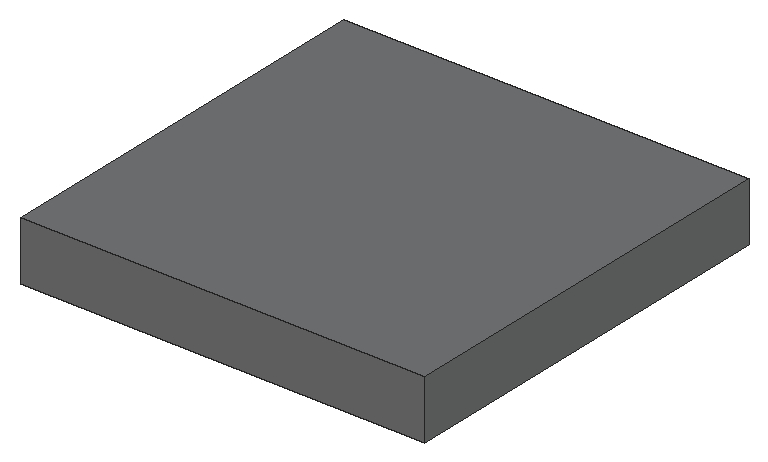
Revit family "Gira_536727", category Electrical Fixtures, host Face, Revit 2017
Family settings
  Host = Face
  Maintain Annotation Orientation = No
  Round Connector Dimension = Use Diameter
  Part Type = Normal
  Cut with Voids When Loaded = No
  Shared = No
  Room Calculation Point = No
Parameters (values of type "S3000 blind timer + timer BT System 55 p.white m")
  With LED indication = "No"
  URL = "http://katalog.gira.de/en/datenblatt.html?artikelnr=536727"
  Transparent = "No"
  Suitable for application with venetian shutter switch = "Yes"
  Suitable for application with switch = "Yes"
  Suitable for application with dimmer = "No"
  Number of actuation points = "4"
  Name = "S3000 blind timer + timer BT System 55 p.white m"
  Manufacturer URL = "https://www.gira.de/"
  Manufacturer = "Gira"
  Keynote = ""
  HeinzeBIM = "https://bimportal.heinze.de/bim/s3000-blind-timer-timer-bt-system-55-p-white-m/fecbbb16f16e22fccc23b2810ed1aac97e96c64a"
  HAN = "536727"
  GTIN = "4010337027539"
  Description = "S3000 blind tim. tim.BT Sys55 PWm,System 3000 blind timer and timer BT,,pure white matt,Features:,- Manual and time-controlled operation of e.g. blinds, shutters, awnings, lighting or fans.,- Operation and programming with mobile end device (smartphone or tablet) via Bluetooth using the Gira Bluetooth app.,- Operation on System 3000 switching, dimming or blind insert or auxiliary insert 3-wire.,Functions on the top unit:,- Operation of hangings and lighting.,- The blocking function blocks operation of the auxiliary unit and deactivates automatic mode.,- Activate deactivate automatic mode.,- The runtime and an individual intermediate position can be saved using the System 3000 blind controller insert.,- Switch-on brightness of lighting can be saved using System 3000 dimming insert or DALI Power control unit.,- Adjustbable night mode. Status LED and function LED are not lit up continuously.,Functions with the Gira Bluetooth app:,- Operation of hangings and lighting with status feedback.,- Display the current hanging position or dimmer setting.,- Programming of up to 40 individual switching times.,- Blind or slat positions or switching and dimming values can be stored for each switching time.,- Switching times can be copied to other devices.,- Switching at sunrise or sunset (astro function).,- Astro time can be optimised by determining the location.,- Astro time shift adjustable.,- Random function.,- Automatic date and time refresh when connecting smartphones or tablets.,- Password protection possible for time programs and configuration (as of app version 2).,- Save a hanging position, hanging runtime, slat reversal time.,- Changeover to inverse operation possible for blind inserts.,- Maximum brightness and minimum brightness adjustable for dimming insert.,- Optional: Sun protection and twilight function are possible with System 3000 brightness and temperature sensor Bluetooth.,,Notes :,- The time is updated upon connection to the Gira Bluetooth app."
  Default Elevation = 1219.2 mm
  Data sheet (1) = "https://katalog.gira.de/en/download.html?artikelnr=536727"
  Category = "Intelligent control element"
  BIM (1) = "https://media.stage.bim.site/public/gira/36a6b08/Sys55_Abdeckung_Schalten und Tasten.rfa?public/gira/36a6b08/Sys55_Abdeckung_Schalten und Tasten.rfa"
  Available = "No"
  Application = "Control of electrical users"
  Anthrazit [instance] = Anthrazit
Reference planes
  plane 1 "Center (Front/Back)": y = 0
  plane 2: z = 0
  plane 3 "Center (Left/Right)": x = 0
Forms (mm)
  Extrusion 1, solid, material "Anthrazit" <- "Anthrazit", detail levels fine
    sketch origin (0, 0, 0) x (1, 0, 0) y (0, 1, 0)
      loop
        line (-27.5, 27.5) -> (-27.5, -27.5) -> (27.5, -27.5) -> (27.5, 27.5) -> (-27.5, 27.5)
    from 0 to 8
  Extrusion 2, void
    sketch origin (0, 0, 0) x (1, 0, 0) y (0, 1, 0)
      loop
        line (26, 26) -> (-26, 26) -> (-26, -26) -> (26, -26) -> (26, 26)
    from 0 to 6
  Extrusion 3, solid, material "Anthrazit" <- "Anthrazit", detail levels medium
    sketch origin (0, 0, 0) x (1, 0, 0) y (0, 1, 0)
      loop
        line (-27.5, 27.5) -> (-27.5, -27.5) -> (27.5, -27.5) -> (27.5, 27.5) -> (-27.5, 27.5)
    from 0 to 8
  Extrusion 4, solid, material "Anthrazit" <- "Anthrazit", detail levels medium
    sketch origin (0, 0, 0) x (1, 0, 0) y (0, 1, 0)
      loop
        line (11, -17.5) -> (11, 17.5) -> (-11, 17.5) -> (-11, -17.5) -> (11, -17.5)
    from -6 to 6
  Extrusion 5, solid, material "Anthrazit" <- "Anthrazit", detail levels fine
    sketch origin (0, 0, 0) x (1, 0, 0) y (0, 1, 0)
      loop
        line (11, 17.5) -> (-11, 17.5) -> (-11, 16.5) -> (11, 16.5) -> (11, 17.5)
      loop
        line (-11, -16.5) -> (-11, -17.5) -> (11, -17.5) -> (11, -16.5) -> (-11, -16.5)
    from -4 to 6
  Extrusion 6, solid, material "Anthrazit" <- "Anthrazit", detail levels fine
    sketch origin (0, 0, 0) x (1, 0, 0) y (0, 1, 0)
      loop
        arc (5, 9.347) -> (0, 10.6) -> (-5, 9.347) r 10.6
        line (-5, 9.347) -> (-5, -9.347)
        arc (-5, -9.347) -> (0, -10.6) -> (5, -9.347) r 10.6
        line (5, -9.347) -> (5, 9.347)
    from -6 to 6
  Extrusion 7, solid, material "Anthrazit" <- "Anthrazit", detail levels coarse
    sketch origin (0, 0, 0) x (1, 0, 0) y (0, 1, 0)
      loop
        line (-27.5, 27.5) -> (-27.5, -27.5) -> (27.5, -27.5) -> (27.5, 27.5) -> (-27.5, 27.5)
    from -6 to 8
Cuts and joins
  Extrusion 2 cuts Extrusion 1
Dimensions and locks
  aligned and locked: plane 2 to host face
  aligned and locked: level to host face
